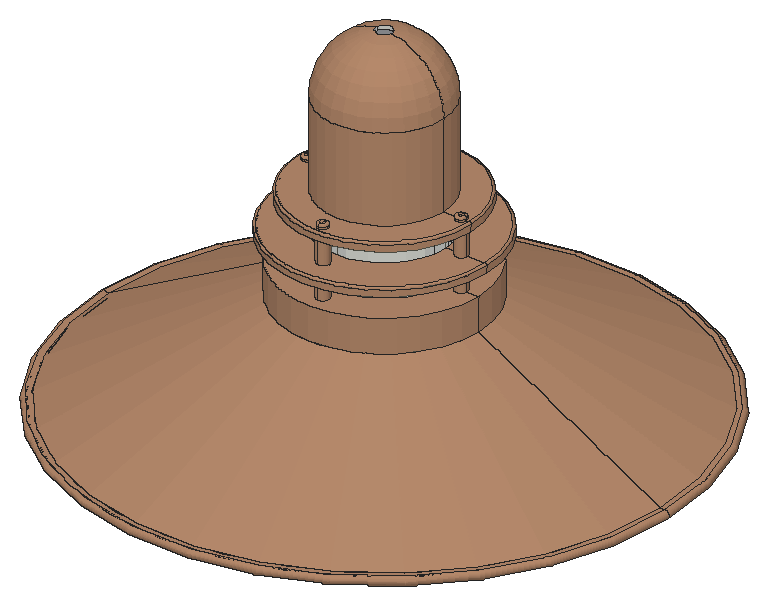
Revit family "UCR18 SHADE", category Lighting Fixtures, Revit 2024
Family settings
  Round Connector Dimension = Use Diameter
  Part Type = Normal
  OmniClass Number = 23.80.70.00
  OmniClass Title = Lighting
  Work Plane-Based = No
  Always vertical = Yes
  Cut with Voids When Loaded = No
  Light Source = Yes
  Maintain Annotation Orientation = No
  Shared = No
  Room Calculation Point = No
Parameters
  Wattage = 12.1178 W
  built-in parameter 1150110 = 1 (stored number, unit not read)
  built-in parameter 1114217 = 1 (stored number, unit not read)
  built-in parameter 1150109 = 1 (stored number, unit not read)
  built-in parameter 1150134 = (empty or 0)
  built-in parameter 1150113 = 1 (stored number, unit not read)
  Lumens = 1800 lm
  built-in parameter 1150115 = 1 (stored number, unit not read)
  built-in parameter 1150105 = 572.96 (stored number, unit not read)
  Light Source Symbol Size = 2' - 0"
  built-in parameter 1150137 = (empty or 0)
  built-in parameter 1150139 = (empty or 0)
  built-in parameter 1150112 = 1 (stored number, unit not read)
  built-in parameter 1150114 = 1 (stored number, unit not read)
  built-in parameter 1150132 = 2
  built-in parameter 1150102 = (empty or 0)
  built-in parameter 1150138 = (empty or 0)
  built-in parameter 1150107 = 3000 (stored number, unit not read)
  built-in parameter 1150106 = 5.7296 (stored number, unit not read)
  built-in parameter 1150104 = 13.8 (stored number, unit not read)
  Dimming Lamp Color Temperature Shift = (empty or 0)
  Default Elevation = 0' - 0"
  Color Filter = 16777215
  built-in parameter 1114218 = 1 (stored number, unit not read)
  built-in parameter 1150133 = 10 (stored number, unit not read)
Reference planes (in)
  plane 1 "Light Source Axis (F/B)": y = 0
  plane 2: z = 0
  plane 3 "Light Source Axis (L/R)": x = 0
  plane 4 "Light Source Elevation": z = 54
Forms (in)
  Revolve 1, solid
    sketch origin (0, 0, 0) x (1, 0, 0) y (0, 0, 1)
      loop
        line (-8.70492, 54.25) -> (-8.875, 54.25)
        arc (-8.875, 54.25) -> (-8.96503, 54.03828) -> (-8.75009, 54.12032) r 0.125
        line (-8.75009, 54.12032) -> (-2.90625, 57.19338) -> (-2.90625, 58.15625) -> (-1.96951, 58.15625) -> (-1.96951, 58.25) -> (-3, 58.25) -> (-3, 57.25) -> (-8.70492, 54.25)
      loop
        line (-3.25, 59.00286) -> (-3.15625, 59.00286) -> (-3.15625, 59.15911) -> (-1.96951, 59.15911) -> (-1.96951, 59.25286) -> (-3.1875, 59.25286)
        arc (-3.1875, 59.25286) -> (-3.23169, 59.23455) -> (-3.25, 59.19036) r 0.0625
        line (-3.25, 59.19036) -> (-3.25, 59.00286)
      loop
        line (-2.75, 60) -> (-2.65625, 60) -> (-2.65625, 60.15625) -> (-1.78125, 60.15625) -> (-1.78125, 62.875)
        arc (-1.78125, 62.875) -> (-1.34502, 64.04281) -> (-0.25, 64.63862) r 1.78125
        line (-0.25, 64.63862) -> (-0.25, 64.73326)
        arc (-0.25, 64.73326) -> (-1.41145, 64.10928) -> (-1.875, 62.875) r 1.875
        line (-1.875, 62.875) -> (-1.875, 60.25) -> (-2.6875, 60.25)
        arc (-2.6875, 60.25) -> (-2.73169, 60.23169) -> (-2.75, 60.1875) r 0.0625
        line (-2.75, 60.1875) -> (-2.75, 60)
      loop
        arc (-1.59997, 55.72497) -> (-1.13135, 54.59362) -> (0, 54.125) r 1.59997
        line (0, 54.125) -> (0, 54.21875)
        arc (0, 54.21875) -> (-1.06506, 54.65991) -> (-1.50622, 55.72497) r 1.50622
        line (-1.50622, 55.72497) -> (-1.50622, 60.12786) -> (-1.59997, 60.12786) -> (-1.59997, 55.72497)
      axis (0, 64.73326) -> (0, 54.12032)
    angle from 0 to 360
  Sweep 2, solid
    path origin (0, 0, 1.625) x (1, 0, 0) y (0, 0, 1)
      loop
        line (-2.42975, 56.625) -> (-2.42975, 58.53125)
    profile origin (-2.42975, 0, 59.20312) x (-1, 0, 0) y (0, -1, 0)
      loop
        circle (0, 0) r 0.1875
  Revolve 3, solid
    sketch origin (0, 0, 1.625) x (1, 0, 0) y (0, 0, 1)
      loop
        line (-2.42975, 58.625) -> (-2.42975, 58.742) -> (-2.52759, 58.742)
        arc (-2.52759, 58.742) -> (-2.56967, 58.72457) -> (-2.58711, 58.68248) r 0.05952
        line (-2.58711, 58.68248) -> (-2.58711, 58.625) -> (-2.42975, 58.625)
      axis (-2.42975, 58.742) -> (-2.42975, 58.625)
    angle from 0 to 360
  Sweep 4, solid
    path origin (0, 0, 1.625) x (0, -1, 0) y (0, 0, 1)
      loop
        line (-2.42975, 56.625) -> (-2.42975, 58.53125)
    profile origin (0, 2.42975, 59.20312) x (0, 1, 0) y (-1, 0, 0)
      loop
        circle (0, 0) r 0.1875
  Revolve 5, solid
    sketch origin (0, 0, 1.625) x (0, -1, 0) y (0, 0, 1)
      loop
        line (-2.42975, 58.625) -> (-2.42975, 58.742) -> (-2.52759, 58.742)
        arc (-2.52759, 58.742) -> (-2.56967, 58.72457) -> (-2.58711, 58.68248) r 0.05952
        line (-2.58711, 58.68248) -> (-2.58711, 58.625) -> (-2.42975, 58.625)
      axis (-2.42975, 58.742) -> (-2.42975, 58.625)
    angle from 0 to 360
  Sweep 6, solid
    path origin (0, 0, 1.625) x (0, 1, 0) y (0, 0, 1)
      loop
        line (-2.42975, 56.625) -> (-2.42975, 58.53125)
    profile origin (0, -2.42975, 59.20312) x (0, -1, 0) y (1, 0, 0)
      loop
        circle (0, 0) r 0.1875
  Revolve 7, solid
    sketch origin (0, 0, 1.625) x (0, 1, 0) y (0, 0, 1)
      loop
        line (-2.42975, 58.625) -> (-2.42975, 58.742) -> (-2.52759, 58.742)
        arc (-2.52759, 58.742) -> (-2.56967, 58.72457) -> (-2.58711, 58.68248) r 0.05952
        line (-2.58711, 58.68248) -> (-2.58711, 58.625) -> (-2.42975, 58.625)
      axis (-2.42975, 58.742) -> (-2.42975, 58.625)
    angle from 0 to 360
  Sweep 8, solid
    path origin (0, 0, 1.625) x (-1, 0, 0) y (0, 0, 1)
      loop
        line (-2.42975, 56.625) -> (-2.42975, 58.53125)
    profile origin (2.42975, 0, 59.20312) x (1, 0, 0) y (0, 1, 0)
      loop
        circle (0, 0) r 0.1875
  Revolve 9, solid
    sketch origin (0, 0, 1.625) x (-1, 0, 0) y (0, 0, 1)
      loop
        line (-2.42975, 58.625) -> (-2.42975, 58.742) -> (-2.52759, 58.742)
        arc (-2.52759, 58.742) -> (-2.56967, 58.72457) -> (-2.58711, 58.68248) r 0.05952
        line (-2.58711, 58.68248) -> (-2.58711, 58.625) -> (-2.42975, 58.625)
      axis (-2.42975, 58.742) -> (-2.42975, 58.625)
    angle from 0 to 360
Dimensions and locks (in)
  aligned and locked: plane 3 "Light Source Axis (L/R)" to imposter light
  aligned and locked: plane 1 "Light Source Axis (F/B)" to imposter light
  aligned and locked: plane 4 "Light Source Elevation" to imposter light
  aligned and locked: level to plane 2
